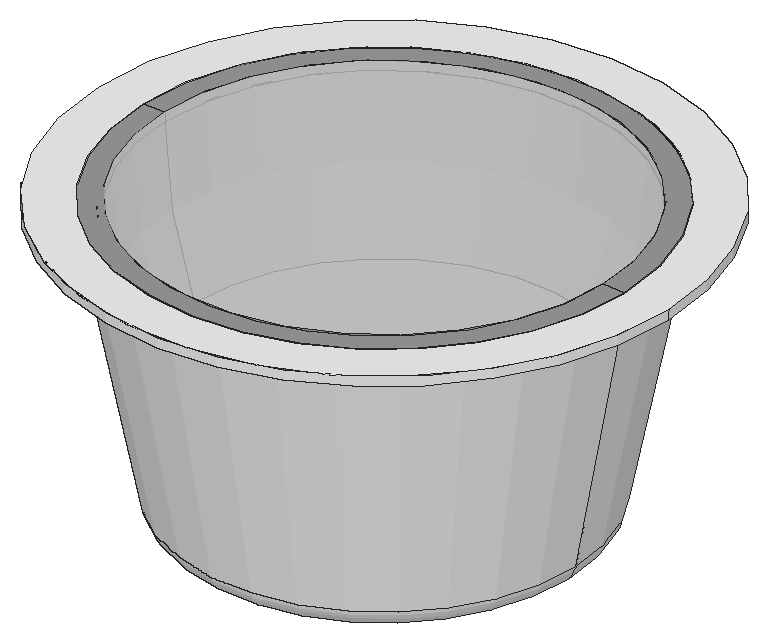
Revit family "2060566 Sylvania Lighting Fixture ASCENT 100 II ARCH 2700 4K STD EMG 160", category Lighting Fixtures, host Face, Revit 2016
Family settings
  Host = Face
  Part Type = Normal
  Round Connector Dimension = Use Diameter
  OmniClass Number = 23.80.70.11.17
  OmniClass Title = Specialized Lighting by Location or Use
  Cut with Voids When Loaded = No
  Light Source = Yes
  Shared = No
  Room Calculation Point = No
Parameters (values of type "2060566 ASCT100 II ARCH 2700 4K STD EMG 160 Emergency mode")
  WidthBezelAcc_SYL = 25.0 mm
  Weight = "1.92 kg"
  Wattage = 1.58333 W
  WarrantyStartDate [instance] = "n/a"
  WarrantyGuarantorParts = "n/a"
  WarrantyDurationUnit = "n/a"
  WarrantyDurationParts = "n/a"
  WarrantyDescription = "n/a"
  built-in parameter 1150110 = 1 (stored number, unit not read)
  Voltage = 0 V
  VisibilityAccessory_SYL = no
  TypeName = "ASCT100 II ARCH 2700 4K STD EMG 160 Emergency mode"
  built-in parameter 1114217 = 1 (stored number, unit not read)
  Tilt Angle = -90°
  built-in parameter 1150109 = 1 (stored number, unit not read)
  built-in parameter 1150134 = 12
  built-in parameter 1150113 = 1 (stored number, unit not read)
  SerialNumber [instance] = "n/a"
  ReflectorRadius_SYL = Radius_SYL - 14.5 mm  # 80.0 mm
  RadiusAcc_SYL = 105.0 mm
  Radius_SYL = 94.5 mm
  URL = "http://www.sylvania-lighting.com"
  PowerFactor = 0
  PowerConsumption = "23 W"
  Photometric Web File = "2060566EM.ies"
  NominalWidth = 0.0 mm
  NominalLength = 0.0 mm
  NominalHeight = 94.0 mm
  Name = "ASCT100 II ARCH 2700 4K STD EMG 160 Emergency mode"
  ModelReference = "ASCT100 II ARCH 2700 4K STD EMG 160 Emergency mode"
  ModelNumber = "2060566"
  Material_4_SYL = none
  Material_3_SYL = Polycarbonate_Sylvania_Ascent_Opal
  Material_2_SYL = Aluminium_Sylvania_Ascent_Silver
  Material_1_SYL = Aluminum_Sylvania_Ascent_White
  Material = "aluminium housing, arcylic diffuser"
  ManufacturerName = "Feilo Sylvania"
  LuminousEfficacy = "120 lm/W"
  built-in parameter 1150105 = 15.12 (stored number, unit not read)
  Lumens = 190 lm
  LuminaireType = ""
  built-in parameter 1150115 = 1 (stored number, unit not read)
  LightOutputRatio = "100"
  built-in parameter 1150137 = (empty or 0)
  built-in parameter 1150139 = (empty or 0)
  LampsType = Lamp  # "LED"
  LampNominalLuminous = "2767 lm"
  LampMacAdamStep = "3"
  LampColourTemperature = "4000 K"
  LampColourRenderingIndex = "80"
  built-in parameter 1150112 = 1 (stored number, unit not read)
  built-in parameter 1150114 = 1 (stored number, unit not read)
  Keynote = "16500"
  InstallationDate [instance] = "n/a"
  InputVoltage = "n/a"
  InputNominalFrequency = "n/a"
  built-in parameter 1150132 = (empty or 0)
  built-in parameter 1150102 = (empty or 0)
  built-in parameter 1150107 = 4000 (stored number, unit not read)
  built-in parameter 1150138 = (empty or 0)
  IngressProtection = "IP40"
  ImpactProtectionIndex = "IK02"
  built-in parameter 1150106 = 0.1512 (stored number, unit not read)
  IfcExportType = "IfcLightFixtureType"
  IfcExportAs = "IfcLightFixtureType"
  Height_SYL = 94.0 mm
  HeightAcc_SYL = 7.0 mm
  ExpectedLife = 50000
  EmittionSurface_SYL = if(VisibilityAccessory_SYL, 7.0 mm, 3.0 mm)  # 3.0 mm
  Emit from Circle Diameter = DiffuserRadius_SYL * 2  # 146.0 mm
  Emit Shape Visible in Rendering = no
  ElectricShockClassification = "Class II"
  built-in parameter 1150104 = 11.148 (stored number, unit not read)
  DurationUnit = "hours"
  DocumentationLiterature = "http://www.sylvania-lighting.com/product/en-int/products/2060566"
  DimmingControlOptions = "n/a"
  Dimming Lamp Color Temperature Shift = <None>
  DiffuserRadius_SYL = ReflectorRadius_SYL - 7.0 mm  # 73.0 mm
  Diameter_SYL = 2 * Radius_SYL  # 189.0 mm
  CutoutDiameter_SYL = Diameter_SYL - 13.0 mm  # 176.0 mm
  CreatedOn = "9/17/2018"
  CreatedBy = "@sylvania-lighting.com"
  Color Filter = 16777215
  built-in parameter 1114216 [instance] = 1 (stored number, unit not read)
  Model = "ASCT100 II ARCH 2700 4K STD EMG 160 Emergency mode"
  Manufacturer = "Feilo Sylvania"
  Lamp = "LED"
  Description = "Direct LED retro fit for original LED 100 Arch (160) single CFL lamp offering Matching lumen levels and improved light distribution of original LED 100 CFL lamp equivalents Typically half the power consumption compared to CFL Up to 112lm/W 160mm aperture Architectural reflector accepts range of glass accessories from existing LED 100 Arch 160 offering HE, HO and VHO versions equivalent of single 1 x 18W, 1 x 32W, 1 x 42W\r\n Additional VVHO versions which offer the performance circa 2 x 32W equivalent"  # constant formula
  Default Elevation = 0.0 mm
  built-in parameter 1140040 [instance] = 1
  BarCode [instance] = "n/a"
  built-in parameter 1114218 = 1 (stored number, unit not read)
  built-in parameter 1150133 = 10 (stored number, unit not read)
  AssetType = "Fixed"
  AssetIdentifier [instance] = "n/a"
  Assembly Code = "D5020200"
  Apparent Load = 1.58333 VA
  Aperture_SYL = 2 * ReflectorRadius_SYL  # 160.0 mm
Types (2, lengths in mm): name | Wattage | TypeName | Photometric Web File | Name | ModelReference | built-in parameter 1150105 | Lumens | built-in parameter 1150106 | Model | Apparent Load
  2060566 ASCT100 II ARCH 2700 4K STD EMG 160 Emergency mode | 1.58333 W | "ASCT100 II ARCH 2700 4K STD EMG 160 Emergency mode" | "2060566EM.ies" | "ASCT100 II ARCH 2700 4K STD EMG 160 Emergency mode" | "ASCT100 II ARCH 2700 4K STD EMG 160 Emergency mode" | 15.12 (stored number, unit not read) | 190 lm | 0.1512 (stored number, unit not read) | "ASCT100 II ARCH 2700 4K STD EMG 160 Emergency mode" | 1.58333 VA
  2060566 ASCT100 II ARCH 2700 4K STD EMG 160 | 23 W | "ASCENT 100 II ARCH 2700 4K STD EMG 160" | "2060566.ies" | "ASCENT 100 II ARCH 2700 4K STD EMG 160" | "ASCENT 100 II ARCH 2700 4K STD EMG 160" | 219.63 (stored number, unit not read) | 2760 lm | 2.1963 (stored number, unit not read) | "ASCENT 100 II ARCH 2700 4K STD EMG 160" | 23 VA
Reference planes
  plane 1 "Center (Front/Back)": y = 0
  plane 2: z = 0
  plane 3 "Center (Left/Right)": x = 0
  plane 4 "Fixture Bottom": z = 3
  plane 5: z = -52.5
  plane 6 "Fixture Top": z = -91
  plane 7: x = -105
  plane 8: z = 7
  plane 9: x = -80
  plane 10: z = 5
  plane 11: x = -103
Forms (mm)
  Extrusion 1, solid, material "Aluminum_Sylvania_Ascent_White", detail levels fine
    sketch origin (0, 0, 0) x (1, 0, 0) y (0, 1, 0)
      loop
        circle (0, 0) r 94.5
      loop
        circle (0, 0) r 80
    from 0 to 3
  Extrusion 2, void
    sketch origin (0, 0, 0) x (1, 0, 0) y (0, 1, 0)
      loop
        circle (0, 0) r 88
    from -91 to 3
  Revolve 3, solid, material "Aluminum_Sylvania_Ascent_White" <- "Material_1_SYL", detail levels fine
    sketch origin (0, 0, 0) x (1, 0, 0) y (0, 0, 1)
      loop
        line (0, -91.073) -> (0, -89.023) -> (-55.468, -89.014)
        arc (-55.468, -89.014) -> (-59.352, -87.613) -> (-61.54, -84.139) r 6.307
        line (-61.54, -84.139) -> (-77.991, -2.844) -> (-77.991, 0) -> (-80, 0) -> (-80, -3) -> (-63.5, -84.536)
        arc (-63.5, -84.536) -> (-60.643, -89.203) -> (-55.5, -91.073) r 8.291
        line (-55.5, -91.073) -> (0, -91.073)
      axis (0, 0) -> (0, -91.073)
    angle from 0 to 360
  Revolve 4, solid, material "Aluminium_Sylvania_Ascent_Silver" <- "Material_2_SYL", detail levels fine
    sketch origin (0, 0, 0) x (1, 0, 0) y (0, 0, 1)
      loop
        line (-80, 3) -> (-80, 0) -> (-75, 0)
        arc (-75, 0) -> (-72.349, -26.77) -> (-64.5, -52.5) r 136.5
        line (-64.5, -52.5) -> (-58, -52.5)
        arc (-58, -52.5) -> (-56.857, -61.521) -> (-53.5, -69.971) r 36.166
        line (-53.5, -69.971) -> (0, -69.971) -> (0, -50.5) -> (-63.16, -50.5)
        arc (-63.16, -50.5) -> (-70.517, -25.725) -> (-73, 0) r 134.5
        line (-73, 0) -> (-73, 3) -> (-80, 3)
      axis (0, 3) -> (0, -69.971)
    angle from 0 to 360
  Extrusion 5, solid, material "Polycarbonate_Sylvania_Ascent_Opal" <- "Material_3_SYL", detail levels fine
    sketch origin (0, 0, 0) x (1, 0, 0) y (0, 1, 0)
      loop
        circle (0, 0) r 73
    from 0 to 3
  Revolve 6, solid, material "Aluminum_Sylvania_Ascent_White" <- "Material_1_SYL", detail levels coarse+medium
    sketch origin (0, 0, 0) x (1, 0, 0) y (0, 0, 1)
      loop
        line (0, -91.073) -> (0, 3) -> (-94.5, 3) -> (-94.5, 0) -> (-79.5, 0) -> (-79.5, -3) -> (-63, -84.536)
        arc (-63, -84.536) -> (-60.143, -89.203) -> (-55, -91.073) r 8.291
        line (-55, -91.073) -> (0, -91.073)
      axis (0, 3) -> (0, -91.073)
    angle from 0 to 360
  Revolve 7, solid, material "Aluminum_Sylvania_Ascent_White" <- "Material_1_SYL", visible <- "VisibilityAccessory_SYL"
    sketch origin (0, 0, 0) x (1, 0, 0) y (0, 0, 1)
      loop
        line (-105, 0) -> (-103, 0) -> (-103, 5) -> (-80, 5) -> (-80, 7) -> (-105, 7) -> (-105, 0)
      axis (0, 7) -> (0, 0)
    angle from 0 to 360
  Revolve 8, solid, material "Polycarbonate_Sylvania_Ascent_Opal" <- "Material_3_SYL", visible <- "VisibilityAccessory_SYL"
    sketch origin (0, 0, 0) x (1, 0, 0) y (0, 0, 1)
      loop
        line (-80, 7) -> (-80, 5) -> (0, 5) -> (0, 7) -> (-80, 7)
      axis (0, 7) -> (0, 5)
    angle from 0 to 360
Lines and regions (mm)
  reference lines
    curve 1: line (-150, 0, 3) -> (125, 0, 3)
Dimensions and locks
  locked: plane 4 "Fixture Bottom" to plane 2 at 3
  "Height_SYL": plane 4 "Fixture Bottom" to plane 6 "Fixture Top"
  "ReflectorRadius_SYL": plane 3 "Center (Left/Right)" to Revolve 4 sketch curve
  locked: Revolve 4 sketch curve to Revolve 4 sketch curve at 15.5
  locked: Revolve 4 sketch curve to Revolve 4 sketch curve at 5
  locked: Revolve 4 sketch curve to Revolve 4 sketch curve at 7
  locked: Revolve 4 sketch curve to Revolve 4 sketch curve at 22
  locked: Revolve 4 sketch curve to Revolve 4 sketch curve at 26.5
  locked: Revolve 3 sketch curve to Revolve 3 sketch curve at 16.5
  locked: Revolve 3 sketch curve to Revolve 3 sketch curve at 24.5
  "ReflectorRadius_SYL": Revolve 3 sketch curve to plane 3 "Center (Left/Right)"
  locked: Revolve 3 sketch curve to plane 6 "Fixture Top" at 6.464
  locked: plane 2 to Revolve 3 sketch curve at 3
  locked: Revolve 3 sketch curve to Revolve 3 sketch curve at 2
  locked: Revolve 3 sketch curve to Revolve 3 sketch curve at 2.009
  locked: plane 2 to plane 5 at 52.5
  locked: Revolve 6 sketch curve to Revolve 6 sketch curve at 31.5
  locked: Revolve 6 sketch curve to Revolve 6 sketch curve at 39.5
  locked: Revolve 6 sketch curve to Revolve 6 sketch curve at 15
  "Radius_SYL": plane 3 "Center (Left/Right)" to Revolve 6 sketch curve
  "RadiusAcc_SYL": plane 3 "Center (Left/Right)" to plane 7
  "HeightAcc_SYL": plane 8 to level
  "WidthBezelAcc_SYL": plane 7 to plane 9
  locked: plane 7 to plane 11 at 2
  locked: plane 8 to plane 10 at 2
  "EmittionSurface_SYL": curve 1 to level
  "CutoutDiameter_SYL": diameter of Extrusion 2 sketch curve
  "ReflectorRadius_SYL": radius of Extrusion 1 sketch curve
  "DiffuserRadius_SYL": radius of Extrusion 5 sketch curve
  "Radius_SYL": radius of Extrusion 1 sketch curve
  aligned and locked: host face to plane 2
  aligned and locked: host face to level
  aligned and locked: plane 4 "Fixture Bottom" to Extrusion 1
  aligned and locked: Extrusion 1 to plane 2
  aligned and locked: Revolve 3 sketch curve to plane 3 "Center (Left/Right)"
  aligned and locked: Revolve 4 sketch curve to plane 3 "Center (Left/Right)"  (x2)
  aligned and locked: plane 4 "Fixture Bottom" to Revolve 4 sketch curve
  aligned and locked: Extrusion 5 to plane 2
  aligned and locked: plane 2 to Revolve 3 sketch curve  (x2)
  aligned and locked: Revolve 6 sketch curve to plane 3 "Center (Left/Right)"
  aligned and locked: plane 6 "Fixture Top" to Extrusion 2
  aligned and locked: Revolve 7 sketch curve to plane 3 "Center (Left/Right)"
  aligned and locked: host face to Revolve 7 sketch curve  (x2)
  aligned and locked: Revolve 7 sketch curve to plane 7
  aligned and locked: plane 8 to Revolve 7 sketch curve
  aligned and locked: plane 9 to Revolve 7 sketch curve
  aligned and locked: Revolve 7 sketch curve to plane 10
  aligned and locked: plane 11 to Revolve 7 sketch curve
  aligned and locked: Revolve 7 to Revolve 8 sketch curve
  aligned and locked: Revolve 8 sketch curve to Revolve 7  (x2)
  aligned and locked: Revolve 8 sketch curve to plane 3 "Center (Left/Right)"  (x2)
  aligned and locked: plane 3 "Center (Left/Right)" to imposter light
  aligned and locked: imposter light to plane 1 "Center (Front/Back)"
  aligned and locked: imposter light to curve 1
Automatic sketch dimensions
  plane 1 "Center (Front/Back)" to Extrusion 2 sketch curve = 0.0 mm
  Extrusion 2 sketch curve to plane 3 "Center (Left/Right)" = 0.0 mm
  Extrusion 1 sketch curve to Extrusion 1 sketch curve = 0.0 mm  (x2)
  plane 1 "Center (Front/Back)" to Extrusion 1 sketch curve = 0.0 mm
  Extrusion 1 sketch curve to plane 3 "Center (Left/Right)" = 0.0 mm
  plane 6 "Fixture Top" to Revolve 3 sketch curve = 0.073 mm
  Revolve 3 sketch curve to plane 6 "Fixture Top" = 6.861 mm
  Revolve 3 sketch curve to Revolve 3 sketch curve = 0.003 mm
  Revolve 3 sketch curve to Revolve 3 sketch curve = 0.009 mm  (x2)
  Revolve 3 sketch curve to Revolve 3 sketch curve = 0.023 mm
  Revolve 3 sketch curve to Revolve 3 sketch curve = 0.072 mm
  Revolve 3 sketch curve to Revolve 3 sketch curve = 0.008 mm
  Revolve 3 sketch curve to plane 6 "Fixture Top" = 1.977 mm
  Revolve 3 sketch curve to Revolve 3 sketch curve = 33.496 mm
  Revolve 3 sketch curve to Revolve 3 sketch curve = 0.028 mm
  plane 4 "Fixture Bottom" to Revolve 3 sketch curve = 82.431 mm
  Revolve 4 sketch curve to Revolve 4 sketch curve = 0.0 mm  (x2)
  Revolve 4 sketch curve to plane 5 = 0.0 mm
  Revolve 4 sketch curve to level = 0.0 mm
  plane 5 to Revolve 4 sketch curve = 2.0 mm
  plane 4 "Fixture Bottom" to Revolve 4 sketch curve = 9.642 mm
  plane 1 "Center (Front/Back)" to Extrusion 5 sketch curve = 0.0 mm
  Extrusion 5 sketch curve to plane 3 "Center (Left/Right)" = 0.0 mm
  Revolve 4 sketch curve to level = 69.971 mm
  Revolve 4 sketch curve to Revolve 4 sketch curve = 2.387 mm
  Revolve 6 sketch curve to level = 0.0 mm
  Revolve 6 sketch curve to plane 3 "Center (Left/Right)" = 0.0 mm
  Revolve 6 sketch curve to Revolve 6 sketch curve = 8.104 mm
  Revolve 6 sketch curve to level = 3.0 mm
  Revolve 6 sketch curve to plane 6 "Fixture Top" = 6.464 mm
  plane 6 "Fixture Top" to Revolve 6 sketch curve = 0.073 mm
  Revolve 6 sketch curve to Revolve 6 sketch curve = 33.496 mm
  plane 4 "Fixture Bottom" to Revolve 6 sketch curve = 82.431 mm
  host sketch curve to host sketch curve = 1704.996 mm
  host sketch curve to host sketch curve = 1500.0 mm
  plane 6 "Fixture Top" to Revolve 7 sketch curve = 281.274 mm
  Revolve 7 sketch curve to plane 8 = 1140.706 mm
  plane 6 "Fixture Top" to Revolve 8 sketch curve = 281.274 mm
  Revolve 8 sketch curve to Revolve 8 sketch curve = 1140.706 mm
  Revolve 3 sketch curve to plane 3 "Center (Left/Right)" = 0.0 mm
  Revolve 6 sketch curve to plane 4 "Fixture Bottom" = 0.0 mm
  plane 7 to curve 1 = 45.0 mm
  plane 3 "Center (Left/Right)" to curve 1 = 125.0 mm
Connectors
  electrical at (0, 0, -91.073), driven by "Apparent Load"
    settings: on Revolve 3, index 1, voltage 240 V, apparent load 0 VA, apparent load phase1 1.58333 VA, apparent load phase2 0 VA, apparent load phase3 0 VA, power factor 1, load classification "Lighting", number of poles 1, system type 31, power factor state 1, is connector primary yes, connector utility no, sub classification motor no, connector description ""
